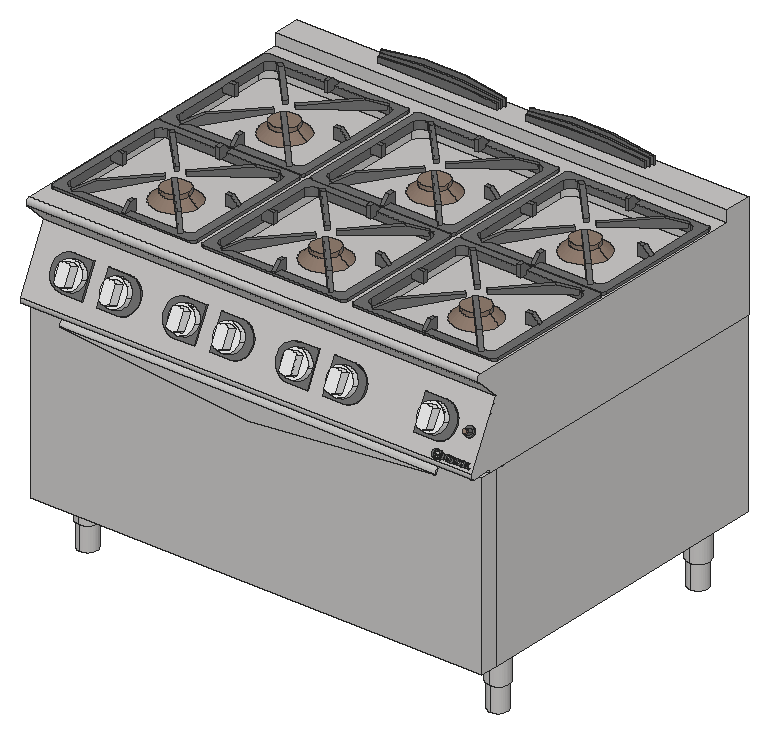
Revit family "QF_GIORIK_CG960H", category Specialty Equipment, Revit 2014
Parameters (values of type "CG960H")
  Weight in Pounds = 551.155
  URL Cutsheet = "www.giorik.com"
  URL = "www.giorik.com"
  Status [instance] = ""
  Specification by User [instance] = ""
  Specification by Manufacturer = ""
  Show Logo [instance] = yes
  Show Clearance [instance] = yes
  Serial Number = ""
  Seismic Rating = ""
  SMACNA No = ""
  Revision Code [instance] = ""
  NAFEM Spec ID Number = ""
  Model = "CG960H"
  Mechanical Remarks [instance] = "GPL"
  Mechanical Connection Type [instance] = ""
  Masterspec = ""
  Manufacturer = "GIORIK"
  Item Number [instance] = ""
  Installed By [instance] = ""
  Identify Quantity as Lot [instance] = no
  Gas Size = 1"
  Gas RI Height [instance] = 0 mm
  Gas KW = 58
  Gas Input = 58000 W
  Gas Connection Height [instance] = 150 mm
  Furnished By [instance] = ""
  Foodservice Equipment Identifier [instance] = yes
  Description = "6 BURNER GAS RANGE ON MAXI GAS OVEN"
  CSI MasterFormat = ""
  Assembly Code = "E1090320"
Reference planes
  plane 1 "Back": y = 0
  plane 2: z = 0
  plane 3 "Left": x = 0
  plane 4 "Right": x = 1200
  plane 5 "Front": y = -920
  plane 6 "Top": z = 899.988
Forms (mm)
  Extrusion 1, solid
    sketch origin (-16, 358.115, 0) x (1, 0, 0) y (0, 1, 0)
      loop
        line (25, -1086.81) -> (25, -1156.81) -> (115, -1156.81) -> (115, -1086.81) -> (25, -1086.81)
    from 148 to 150
  Revolve 2, solid
    sketch origin (54, 358.115, 0) x (0, 1, 0) y (0, 0, 1)
      loop
        line (-1092.56, 66) -> (-1092.56, 148) -> (-1121.81, 148) -> (-1121.81, 0) -> (-1096.81, 0) -> (-1096.81, 66) -> (-1092.56, 66)
      axis (-1121.81, 0) -> (-1121.81, 148)
    angle from 0 to 360
  Extrusion 3, solid
    sketch origin (-16, 1023.115, 0) x (1, 0, 0) y (0, 1, 0)
      loop
        line (25, -1086.81) -> (25, -1156.81) -> (115, -1156.81) -> (115, -1086.81) -> (25, -1086.81)
    from 148 to 150
  Revolve 4, solid
    sketch origin (54, 1023.115, 0) x (0, 1, 0) y (0, 0, 1)
      loop
        line (-1092.56, 66) -> (-1092.56, 148) -> (-1121.81, 148) -> (-1121.81, 0) -> (-1096.81, 0) -> (-1096.81, 66) -> (-1092.56, 66)
      axis (-1121.81, 0) -> (-1121.81, 148)
    angle from 0 to 360
  Extrusion 5, void
    sketch origin (0, -2.695, 899.988) x (0, 1, 0) y (-1, 0, 0)
      loop
        arc (-120, -48.046) -> (-128.787, -26.832) -> (-150, -18.046) r 30
        line (-150, -18.046) -> (-790.004, -18.046)
        arc (-790.004, -18.046) -> (-811.217, -26.832) -> (-820.004, -48.046) r 30
        line (-820.004, -48.046) -> (-820.004, -352.046)
        arc (-820.004, -352.046) -> (-811.217, -373.259) -> (-790.004, -382.046) r 30
        line (-790.004, -382.046) -> (-150, -382.046)
        arc (-150, -382.046) -> (-128.787, -373.259) -> (-120, -352.046) r 30
        line (-120, -352.046) -> (-120, -48.046)
    from -30 to -70
  Extrusion 6, solid
    sketch origin (-4, -2.717, 130) x (1, 0, 0) y (0, 1, 0)
      loop
        circle (54, -385) r 12.5
    from 0 to 20
  Extrusion 7, solid
    sketch origin (159.325, -432.708, -71.012) x (0, -1, 0) y (0, 0, -1)
      loop
        line (35.989, -935.989) -> (65, -965) -> (79.749, -965) -> (79.749, -935.989) -> (35.989, -935.989)
    from 35.72 to 45.72
  Blend 8, solid
    base sketch origin (0, -377.25, 899.988) x (0, 1, 0) y (-1, 0, 0)
      loop
        circle (-276.449, -200.046) r 60
    top sketch origin (0, -377.25, 899.988) x (0, 1, 0) y (-1, 0, 0)
      loop
        circle (-276.449, -200.046) r 35
    from -70 to -50
  Extrusion 9, solid
    sketch origin (0.046, -427.695, 22.988) x (1, 0, 0) y (0, 1, 0)
      loop
        line (8, -55.002) -> (8, -395.004)
        arc (8, -395.004) -> (10.929, -402.075) -> (18, -405.004) r 10
        line (18, -405.004) -> (382, -405.004)
        arc (382, -405.004) -> (389.071, -402.075) -> (392, -395.004) r 10
        line (392, -395.004) -> (392, -55.002)
        arc (392, -55.002) -> (389.071, -47.931) -> (382, -45.002) r 10
        line (382, -45.002) -> (18, -45.002)
        arc (18, -45.002) -> (10.929, -47.931) -> (8, -55.002) r 10
      loop
        arc (49.954, -67.002) -> (35.812, -72.86) -> (29.954, -87.002) r 20
        line (29.954, -87.002) -> (29.954, -365.004)
        arc (29.954, -365.004) -> (35.812, -379.146) -> (49.954, -385.004) r 20
        line (49.954, -385.004) -> (349.954, -385.004)
        arc (349.954, -385.004) -> (364.097, -379.146) -> (369.954, -365.004) r 20
        line (369.954, -365.004) -> (369.954, -87.002)
        arc (369.954, -87.002) -> (364.097, -72.86) -> (349.954, -67.002) r 20
        line (349.954, -67.002) -> (49.954, -67.002)
    from 831.989 to 851.989
  Extrusion 10, solid
    sketch origin (347.736, -432.53, -2.821) x (-0.670885, -0.741561, 0) y (0, 0, -1)
      loop
        line (239.679, -896.808) -> (239.679, -888.14) -> (57.778, -867.797) -> (36.748, -867.797) -> (36.748, -875.452) -> (95.425, -896.808) -> (239.679, -896.808)
    from 30.148 to 40.148
  Extrusion 11, solid
    sketch origin (52.421, -432.594, -2.821) x (0.670878, -0.741568, 0) y (0, 0, 1)
      loop
        line (239.588, 896.808) -> (95.425, 896.808) -> (36.748, 875.452) -> (36.748, 867.797) -> (57.778, 867.797) -> (239.588, 888.13) -> (239.588, 896.808)
    from 30.148 to 40.148
  Extrusion 12, solid
    sketch origin (347.735, -874.862, -2.821) x (-0.670878, 0.741568, 0) y (0, 0, 1)
      loop
        line (239.679, 896.808) -> (95.425, 896.808) -> (36.748, 875.452) -> (36.748, 867.797) -> (57.778, 867.797) -> (239.679, 888.14) -> (239.679, 896.808)
    from 30.148 to 40.148
  Extrusion 13, solid
    sketch origin (52.356, -874.862, -2.821) x (0.670885, 0.741561, 0) y (0, 0, -1)
      loop
        line (239.679, -896.808) -> (239.679, -888.14) -> (57.778, -867.797) -> (36.748, -867.797) -> (36.748, -875.452) -> (95.425, -896.808) -> (239.679, -896.808)
    from 30.148 to 40.148
  Extrusion 14, solid
    sketch origin (240.72, -872.688, -71.012) x (0, 1, 0) y (0, 0, -1)
      loop
        line (35.989, -935.989) -> (65, -965) -> (79.749, -965) -> (79.749, -935.989) -> (35.989, -935.989)
    from 35.72 to 45.72
  Extrusion 15, solid
    sketch origin (159.325, -512.686, -71.012) x (0, 1, 0) y (0, 0, 1)
      loop
        line (35.989, 935.989) -> (79.749, 935.989) -> (79.749, 965) -> (65, 965) -> (35.989, 935.989)
    from 35.72 to 45.72
  Extrusion 16, solid
    sketch origin (-15.829, -241.978, -71.012) x (1, 0, 0) y (0, 0, 1)
      loop
        line (35.989, 935.989) -> (79.749, 935.989) -> (79.749, 965) -> (65, 965) -> (35.989, 935.989)
    from 35.72 to 45.72
  Extrusion 17, solid
    sketch origin (0.046, -517.698, 22.988) x (1, 0, 0) y (0, 1, 0)
      loop
        arc (8, 55.002) -> (10.929, 47.931) -> (18, 45.002) r 10
        line (18, 45.002) -> (382, 45.002)
        arc (382, 45.002) -> (389.071, 47.931) -> (392, 55.002) r 10
        line (392, 55.002) -> (392, 395.004)
        arc (392, 395.004) -> (389.071, 402.075) -> (382, 405.004) r 10
        line (382, 405.004) -> (18, 405.004)
        arc (18, 405.004) -> (10.929, 402.075) -> (8, 395.004) r 10
        line (8, 395.004) -> (8, 55.002)
      loop
        line (49.954, 67.002) -> (349.954, 67.002)
        arc (349.954, 67.002) -> (364.097, 72.86) -> (369.954, 87.002) r 20
        line (369.954, 87.002) -> (369.954, 365.004)
        arc (369.954, 365.004) -> (364.097, 379.146) -> (349.954, 385.004) r 20
        line (349.954, 385.004) -> (49.954, 385.004)
        arc (49.954, 385.004) -> (35.812, 379.146) -> (29.954, 365.004) r 20
        line (29.954, 365.004) -> (29.954, 87.002)
        arc (29.954, 87.002) -> (35.812, 72.86) -> (49.954, 67.002) r 20
    from 831.989 to 851.989
  Extrusion 18, solid
    sketch origin (347.736, -512.863, -2.821) x (-0.670885, 0.741561, 0) y (0, 0, 1)
      loop
        line (239.679, 896.808) -> (95.425, 896.808) -> (36.748, 875.452) -> (36.748, 867.797) -> (57.778, 867.797) -> (239.679, 888.14) -> (239.679, 896.808)
    from 30.148 to 40.148
  Extrusion 19, solid
    sketch origin (52.421, -512.799, -2.821) x (0.670878, 0.741568, 0) y (0, 0, -1)
      loop
        line (239.588, -896.808) -> (239.588, -888.13) -> (57.778, -867.797) -> (36.748, -867.797) -> (36.748, -875.452) -> (95.425, -896.808) -> (239.588, -896.808)
    from 30.148 to 40.148
  Extrusion 20, solid
    sketch origin (347.735, -70.532, -2.821) x (-0.670878, -0.741568, 0) y (0, 0, -1)
      loop
        line (239.679, -896.808) -> (239.679, -888.14) -> (57.778, -867.797) -> (36.748, -867.797) -> (36.748, -875.452) -> (95.425, -896.808) -> (239.679, -896.808)
    from 30.148 to 40.148
  Extrusion 21, solid
    sketch origin (52.356, -70.532, -2.821) x (0.670885, -0.741561, 0) y (0, 0, 1)
      loop
        line (239.679, 896.808) -> (95.425, 896.808) -> (36.748, 875.452) -> (36.748, 867.797) -> (57.778, 867.797) -> (239.679, 888.14) -> (239.679, 896.808)
    from 30.148 to 40.148
  Extrusion 22, solid
    sketch origin (240.72, -72.706, -71.012) x (0, -1, 0) y (0, 0, 1)
      loop
        line (35.989, 935.989) -> (79.749, 935.989) -> (79.749, 965) -> (65, 965) -> (35.989, 935.989)
    from 35.72 to 45.72
  Extrusion 23, solid
    sketch origin (-16, 358.115, 0) x (1, 0, 0) y (0, 1, 0)
      loop
        line (25, -1086.81) -> (25, -1156.81) -> (115, -1156.81) -> (115, -1086.81) -> (25, -1086.81)
    from 148 to 150
  Revolve 24, solid
    sketch origin (54, 358.115, 0) x (0, 1, 0) y (0, 0, 1)
      loop
        line (-1092.56, 66) -> (-1092.56, 148) -> (-1121.81, 148) -> (-1121.81, 0) -> (-1096.81, 0) -> (-1096.81, 66) -> (-1092.56, 66)
      axis (-1121.81, 0) -> (-1121.81, 148)
    angle from 0 to 360
  Extrusion 25, solid
    sketch origin (-16, 1023.115, 0) x (1, 0, 0) y (0, 1, 0)
      loop
        line (25, -1086.81) -> (25, -1156.81) -> (115, -1156.81) -> (115, -1086.81) -> (25, -1086.81)
    from 148 to 150
  Revolve 26, solid
    sketch origin (54, 1023.115, 0) x (0, 1, 0) y (0, 0, 1)
      loop
        line (-1092.56, 66) -> (-1092.56, 148) -> (-1121.81, 148) -> (-1121.81, 0) -> (-1096.81, 0) -> (-1096.81, 66) -> (-1092.56, 66)
      axis (-1121.81, 0) -> (-1121.81, 148)
    angle from 0 to 360
  Extrusion 27, solid
    sketch origin (0, -2.695, 599.536) x (1, 0, 0) y (0, 1, 0)
      loop
        line (0, -837.167) -> (40, -837.167) -> (40, -40) -> (1160, -40) -> (1160, -837.167) -> (1200, -837.167) -> (1200, 2.695) -> (0, 2.695) -> (0, -837.167)
    from -449.536 to 20.464
  Extrusion 28, solid
    sketch origin (0, -2.695, 0) x (1, 0, 0) y (0, 1, 0)
      loop
        line (40, -40) -> (40, -837.167) -> (1160, -837.167) -> (1160, -40) -> (40, -40)
    from 150 to 190
  Extrusion 29, solid
    sketch origin (-4, -2.717, 130) x (1, 0, 0) y (0, 1, 0)
      loop
        circle (54, -385) r 12.5
    from 0 to 20
  Extrusion 30, solid
    sketch origin (-15.829, -694.419, -71.012) x (1, 0, 0) y (0, 0, -1)
      loop
        line (35.989, -935.989) -> (65, -965) -> (79.749, -965) -> (79.749, -935.989) -> (35.989, -935.989)
    from 35.72 to 45.72
  Extrusion 31, solid
    sketch origin (415.921, -694.419, -71.012) x (-1, 0, 0) y (0, 0, 1)
      loop
        line (35.989, 935.989) -> (79.749, 935.989) -> (79.749, 965) -> (65, 965) -> (35.989, 935.989)
    from 35.72 to 45.72
  Extrusion 32, solid
    sketch origin (559.325, -432.708, -71.012) x (0, -1, 0) y (0, 0, -1)
      loop
        line (35.989, -935.989) -> (65, -965) -> (79.749, -965) -> (79.749, -935.989) -> (35.989, -935.989)
    from 35.72 to 45.72
  Extrusion 33, solid
    sketch origin (400.046, -427.695, 22.988) x (1, 0, 0) y (0, 1, 0)
      loop
        line (8, -55.002) -> (8, -395.004)
        arc (8, -395.004) -> (10.929, -402.075) -> (18, -405.004) r 10
        line (18, -405.004) -> (382, -405.004)
        arc (382, -405.004) -> (389.071, -402.075) -> (392, -395.004) r 10
        line (392, -395.004) -> (392, -55.002)
        arc (392, -55.002) -> (389.071, -47.931) -> (382, -45.002) r 10
        line (382, -45.002) -> (18, -45.002)
        arc (18, -45.002) -> (10.929, -47.931) -> (8, -55.002) r 10
      loop
        arc (49.954, -67.002) -> (35.812, -72.86) -> (29.954, -87.002) r 20
        line (29.954, -87.002) -> (29.954, -365.004)
        arc (29.954, -365.004) -> (35.812, -379.146) -> (49.954, -385.004) r 20
        line (49.954, -385.004) -> (349.954, -385.004)
        arc (349.954, -385.004) -> (364.097, -379.146) -> (369.954, -365.004) r 20
        line (369.954, -365.004) -> (369.954, -87.002)
        arc (369.954, -87.002) -> (364.097, -72.86) -> (349.954, -67.002) r 20
        line (349.954, -67.002) -> (49.954, -67.002)
    from 831.989 to 851.989
  Extrusion 34, solid
    sketch origin (747.736, -432.53, -2.821) x (-0.670885, -0.741561, 0) y (0, 0, -1)
      loop
        line (239.679, -896.808) -> (239.679, -888.14) -> (57.778, -867.797) -> (36.748, -867.797) -> (36.748, -875.452) -> (95.425, -896.808) -> (239.679, -896.808)
    from 30.148 to 40.148
  Extrusion 35, solid
    sketch origin (452.421, -432.594, -2.821) x (0.670878, -0.741568, 0) y (0, 0, 1)
      loop
        line (239.588, 896.808) -> (95.425, 896.808) -> (36.748, 875.452) -> (36.748, 867.797) -> (57.778, 867.797) -> (239.588, 888.13) -> (239.588, 896.808)
    from 30.148 to 40.148
  Extrusion 36, solid
    sketch origin (747.735, -874.862, -2.821) x (-0.670878, 0.741568, 0) y (0, 0, 1)
      loop
        line (239.679, 896.808) -> (95.425, 896.808) -> (36.748, 875.452) -> (36.748, 867.797) -> (57.778, 867.797) -> (239.679, 888.14) -> (239.679, 896.808)
    from 30.148 to 40.148
  Extrusion 37, solid
    sketch origin (452.356, -874.862, -2.821) x (0.670885, 0.741561, 0) y (0, 0, -1)
      loop
        line (239.679, -896.808) -> (239.679, -888.14) -> (57.778, -867.797) -> (36.748, -867.797) -> (36.748, -875.452) -> (95.425, -896.808) -> (239.679, -896.808)
    from 30.148 to 40.148
  Extrusion 38, solid
    sketch origin (640.72, -872.688, -71.012) x (0, 1, 0) y (0, 0, -1)
      loop
        line (35.989, -935.989) -> (65, -965) -> (79.749, -965) -> (79.749, -935.989) -> (35.989, -935.989)
    from 35.72 to 45.72
  Extrusion 39, solid
    sketch origin (559.325, -512.686, -71.012) x (0, 1, 0) y (0, 0, 1)
      loop
        line (35.989, 935.989) -> (79.749, 935.989) -> (79.749, 965) -> (65, 965) -> (35.989, 935.989)
    from 35.72 to 45.72
  Extrusion 40, solid
    sketch origin (400.046, -517.698, 22.988) x (1, 0, 0) y (0, 1, 0)
      loop
        arc (8, 55.002) -> (10.929, 47.931) -> (18, 45.002) r 10
        line (18, 45.002) -> (382, 45.002)
        arc (382, 45.002) -> (389.071, 47.931) -> (392, 55.002) r 10
        line (392, 55.002) -> (392, 395.004)
        arc (392, 395.004) -> (389.071, 402.075) -> (382, 405.004) r 10
        line (382, 405.004) -> (18, 405.004)
        arc (18, 405.004) -> (10.929, 402.075) -> (8, 395.004) r 10
        line (8, 395.004) -> (8, 55.002)
      loop
        line (49.954, 67.002) -> (349.954, 67.002)
        arc (349.954, 67.002) -> (364.097, 72.86) -> (369.954, 87.002) r 20
        line (369.954, 87.002) -> (369.954, 365.004)
        arc (369.954, 365.004) -> (364.097, 379.146) -> (349.954, 385.004) r 20
        line (349.954, 385.004) -> (49.954, 385.004)
        arc (49.954, 385.004) -> (35.812, 379.146) -> (29.954, 365.004) r 20
        line (29.954, 365.004) -> (29.954, 87.002)
        arc (29.954, 87.002) -> (35.812, 72.86) -> (49.954, 67.002) r 20
    from 831.989 to 851.989
  Extrusion 41, solid
    sketch origin (747.736, -512.863, -2.821) x (-0.670885, 0.741561, 0) y (0, 0, 1)
      loop
        line (239.679, 896.808) -> (95.425, 896.808) -> (36.748, 875.452) -> (36.748, 867.797) -> (57.778, 867.797) -> (239.679, 888.14) -> (239.679, 896.808)
    from 30.148 to 40.148
  Extrusion 42, solid
    sketch origin (452.421, -512.799, -2.821) x (0.670878, 0.741568, 0) y (0, 0, -1)
      loop
        line (239.588, -896.808) -> (239.588, -888.13) -> (57.778, -867.797) -> (36.748, -867.797) -> (36.748, -875.452) -> (95.425, -896.808) -> (239.588, -896.808)
    from 30.148 to 40.148
  Extrusion 43, solid
    sketch origin (747.735, -70.532, -2.821) x (-0.670878, -0.741568, 0) y (0, 0, -1)
      loop
        line (239.679, -896.808) -> (239.679, -888.14) -> (57.778, -867.797) -> (36.748, -867.797) -> (36.748, -875.452) -> (95.425, -896.808) -> (239.679, -896.808)
    from 30.148 to 40.148
  Extrusion 44, solid
    sketch origin (452.356, -70.532, -2.821) x (0.670885, -0.741561, 0) y (0, 0, 1)
      loop
        line (239.679, 896.808) -> (95.425, 896.808) -> (36.748, 875.452) -> (36.748, 867.797) -> (57.778, 867.797) -> (239.679, 888.14) -> (239.679, 896.808)
    from 30.148 to 40.148
  Extrusion 45, solid
    sketch origin (640.72, -72.706, -71.012) x (0, -1, 0) y (0, 0, 1)
      loop
        line (35.989, 935.989) -> (79.749, 935.989) -> (79.749, 965) -> (65, 965) -> (35.989, 935.989)
    from 35.72 to 45.72
  Extrusion 46, solid
    sketch origin (384.171, -694.419, -71.012) x (1, 0, 0) y (0, 0, -1)
      loop
        line (35.989, -935.989) -> (65, -965) -> (79.749, -965) -> (79.749, -935.989) -> (35.989, -935.989)
    from 35.72 to 45.72
  Extrusion 47, solid
    sketch origin (815.921, -694.419, -71.012) x (-1, 0, 0) y (0, 0, 1)
      loop
        line (35.989, 935.989) -> (79.749, 935.989) -> (79.749, 965) -> (65, 965) -> (35.989, 935.989)
    from 35.72 to 45.72
  Extrusion 48, solid
    sketch origin (959.325, -432.708, -71.012) x (0, -1, 0) y (0, 0, -1)
      loop
        line (35.989, -935.989) -> (65, -965) -> (79.749, -965) -> (79.749, -935.989) -> (35.989, -935.989)
    from 35.72 to 45.72
  Extrusion 49, solid
    sketch origin (800.046, -427.695, 22.988) x (1, 0, 0) y (0, 1, 0)
      loop
        line (8, -55.002) -> (8, -395.004)
        arc (8, -395.004) -> (10.929, -402.075) -> (18, -405.004) r 10
        line (18, -405.004) -> (382, -405.004)
        arc (382, -405.004) -> (389.071, -402.075) -> (392, -395.004) r 10
        line (392, -395.004) -> (392, -55.002)
        arc (392, -55.002) -> (389.071, -47.931) -> (382, -45.002) r 10
        line (382, -45.002) -> (18, -45.002)
        arc (18, -45.002) -> (10.929, -47.931) -> (8, -55.002) r 10
      loop
        arc (49.954, -67.002) -> (35.812, -72.86) -> (29.954, -87.002) r 20
        line (29.954, -87.002) -> (29.954, -365.004)
        arc (29.954, -365.004) -> (35.812, -379.146) -> (49.954, -385.004) r 20
        line (49.954, -385.004) -> (349.954, -385.004)
        arc (349.954, -385.004) -> (364.097, -379.146) -> (369.954, -365.004) r 20
        line (369.954, -365.004) -> (369.954, -87.002)
        arc (369.954, -87.002) -> (364.097, -72.86) -> (349.954, -67.002) r 20
        line (349.954, -67.002) -> (49.954, -67.002)
    from 831.989 to 851.989
  Extrusion 50, solid
    sketch origin (1147.736, -432.53, -2.821) x (-0.670885, -0.741561, 0) y (0, 0, -1)
      loop
        line (239.679, -896.808) -> (239.679, -888.14) -> (57.778, -867.797) -> (36.748, -867.797) -> (36.748, -875.452) -> (95.425, -896.808) -> (239.679, -896.808)
    from 30.148 to 40.148
  Extrusion 51, solid
    sketch origin (852.421, -432.594, -2.821) x (0.670878, -0.741568, 0) y (0, 0, 1)
      loop
        line (239.588, 896.808) -> (95.425, 896.808) -> (36.748, 875.452) -> (36.748, 867.797) -> (57.778, 867.797) -> (239.588, 888.13) -> (239.588, 896.808)
    from 30.148 to 40.148
  Extrusion 52, solid
    sketch origin (1147.735, -874.862, -2.821) x (-0.670878, 0.741568, 0) y (0, 0, 1)
      loop
        line (239.679, 896.808) -> (95.425, 896.808) -> (36.748, 875.452) -> (36.748, 867.797) -> (57.778, 867.797) -> (239.679, 888.14) -> (239.679, 896.808)
    from 30.148 to 40.148
  Extrusion 53, solid
    sketch origin (852.356, -874.862, -2.821) x (0.670885, 0.741561, 0) y (0, 0, -1)
      loop
        line (239.679, -896.808) -> (239.679, -888.14) -> (57.778, -867.797) -> (36.748, -867.797) -> (36.748, -875.452) -> (95.425, -896.808) -> (239.679, -896.808)
    from 30.148 to 40.148
  Extrusion 54, solid
    sketch origin (1040.72, -872.688, -71.012) x (0, 1, 0) y (0, 0, -1)
      loop
        line (35.989, -935.989) -> (65, -965) -> (79.749, -965) -> (79.749, -935.989) -> (35.989, -935.989)
    from 35.72 to 45.72
  Extrusion 55, solid
    sketch origin (959.325, -512.686, -71.012) x (0, 1, 0) y (0, 0, 1)
      loop
        line (35.989, 935.989) -> (79.749, 935.989) -> (79.749, 965) -> (65, 965) -> (35.989, 935.989)
    from 35.72 to 45.72
  Extrusion 56, solid
    sketch origin (1215.921, -241.978, -71.012) x (-1, 0, 0) y (0, 0, -1)
      loop
        line (35.989, -935.989) -> (65, -965) -> (79.749, -965) -> (79.749, -935.989) -> (35.989, -935.989)
    from 35.72 to 45.72
  Extrusion 57, solid
    sketch origin (800.046, -517.698, 22.988) x (1, 0, 0) y (0, 1, 0)
      loop
        arc (8, 55.002) -> (10.929, 47.931) -> (18, 45.002) r 10
        line (18, 45.002) -> (382, 45.002)
        arc (382, 45.002) -> (389.071, 47.931) -> (392, 55.002) r 10
        line (392, 55.002) -> (392, 395.004)
        arc (392, 395.004) -> (389.071, 402.075) -> (382, 405.004) r 10
        line (382, 405.004) -> (18, 405.004)
        arc (18, 405.004) -> (10.929, 402.075) -> (8, 395.004) r 10
        line (8, 395.004) -> (8, 55.002)
      loop
        line (49.954, 67.002) -> (349.954, 67.002)
        arc (349.954, 67.002) -> (364.097, 72.86) -> (369.954, 87.002) r 20
        line (369.954, 87.002) -> (369.954, 365.004)
        arc (369.954, 365.004) -> (364.097, 379.146) -> (349.954, 385.004) r 20
        line (349.954, 385.004) -> (49.954, 385.004)
        arc (49.954, 385.004) -> (35.812, 379.146) -> (29.954, 365.004) r 20
        line (29.954, 365.004) -> (29.954, 87.002)
        arc (29.954, 87.002) -> (35.812, 72.86) -> (49.954, 67.002) r 20
    from 831.989 to 851.989
  Extrusion 58, solid
    sketch origin (1147.736, -512.863, -2.821) x (-0.670885, 0.741561, 0) y (0, 0, 1)
      loop
        line (239.679, 896.808) -> (95.425, 896.808) -> (36.748, 875.452) -> (36.748, 867.797) -> (57.778, 867.797) -> (239.679, 888.14) -> (239.679, 896.808)
    from 30.148 to 40.148
  Extrusion 59, solid
    sketch origin (852.421, -512.799, -2.821) x (0.670878, 0.741568, 0) y (0, 0, -1)
      loop
        line (239.588, -896.808) -> (239.588, -888.13) -> (57.778, -867.797) -> (36.748, -867.797) -> (36.748, -875.452) -> (95.425, -896.808) -> (239.588, -896.808)
    from 30.148 to 40.148
  Extrusion 60, solid
    sketch origin (1147.735, -70.532, -2.821) x (-0.670878, -0.741568, 0) y (0, 0, -1)
      loop
        line (239.679, -896.808) -> (239.679, -888.14) -> (57.778, -867.797) -> (36.748, -867.797) -> (36.748, -875.452) -> (95.425, -896.808) -> (239.679, -896.808)
    from 30.148 to 40.148
  Extrusion 61, solid
    sketch origin (852.356, -70.532, -2.821) x (0.670885, -0.741561, 0) y (0, 0, 1)
      loop
        line (239.679, 896.808) -> (95.425, 896.808) -> (36.748, 875.452) -> (36.748, 867.797) -> (57.778, 867.797) -> (239.679, 888.14) -> (239.679, 896.808)
    from 30.148 to 40.148
  Extrusion 62, solid
    sketch origin (1040.72, -72.706, -71.012) x (0, -1, 0) y (0, 0, 1)
      loop
        line (35.989, 935.989) -> (79.749, 935.989) -> (79.749, 965) -> (65, 965) -> (35.989, 935.989)
    from 35.72 to 45.72
  Extrusion 63, solid
    sketch origin (1076, 358.115, 0) x (1, 0, 0) y (0, 1, 0)
      loop
        line (25, -1086.81) -> (25, -1156.81) -> (115, -1156.81) -> (115, -1086.81) -> (25, -1086.81)
    from 148 to 150
  Revolve 64, solid
    sketch origin (1146, 358.115, 0) x (0, 1, 0) y (0, 0, 1)
      loop
        line (-1092.56, 66) -> (-1092.56, 148) -> (-1121.81, 148) -> (-1121.81, 0) -> (-1096.81, 0) -> (-1096.81, 66) -> (-1092.56, 66)
      axis (-1121.81, 0) -> (-1121.81, 148)
    angle from 0 to 360
  Extrusion 65, solid
    sketch origin (1076, 1023.115, 0) x (1, 0, 0) y (0, 1, 0)
      loop
        line (25, -1086.81) -> (25, -1156.81) -> (115, -1156.81) -> (115, -1086.81) -> (25, -1086.81)
    from 148 to 150
  Revolve 66, solid
    sketch origin (1146, 1023.115, 0) x (0, 1, 0) y (0, 0, 1)
      loop
        line (-1092.56, 66) -> (-1092.56, 148) -> (-1121.81, 148) -> (-1121.81, 0) -> (-1096.81, 0) -> (-1096.81, 66) -> (-1092.56, 66)
      axis (-1121.81, 0) -> (-1121.81, 148)
    angle from 0 to 360
  Extrusion 67, solid
    sketch origin (784.171, -694.419, -71.012) x (1, 0, 0) y (0, 0, -1)
      loop
        line (35.989, -935.989) -> (65, -965) -> (79.749, -965) -> (79.749, -935.989) -> (35.989, -935.989)
    from 35.72 to 45.72
  Extrusion 68, solid
    sketch origin (1215.921, -694.419, -71.012) x (-1, 0, 0) y (0, 0, 1)
      loop
        line (35.989, 935.989) -> (79.749, 935.989) -> (79.749, 965) -> (65, 965) -> (35.989, 935.989)
    from 35.72 to 45.72
  Extrusion 69, solid
    sketch origin (852.421, -432.594, -2.821) x (0.670878, -0.741568, 0) y (0, 0, 1)
      loop
        line (239.588, 896.808) -> (95.425, 896.808) -> (36.748, 875.452) -> (36.748, 867.797) -> (57.778, 867.797) -> (239.588, 888.13) -> (239.588, 896.808)
    from 30.148 to 40.148
  Extrusion 70, solid
    sketch origin (0, -377.25, -30) x (1, 0, 0) y (0, 1, 0)
      loop
        circle (200.046, -276.449) r 35
    from 889.988 to 879.988
  Blend 71, solid
    base sketch origin (799.954, -377.25, 899.988) x (0, 1, 0) y (-1, 0, 0)
      loop
        circle (-276.449, -200.046) r 60
    top sketch origin (799.954, -377.25, 899.988) x (0, 1, 0) y (-1, 0, 0)
      loop
        circle (-276.449, -200.046) r 35
    from -70 to -50
  Extrusion 72, solid
    sketch origin (799.954, -377.25, -30) x (1, 0, 0) y (0, 1, 0)
      loop
        circle (200.046, -276.449) r 35
    from 889.988 to 879.988
  Blend 73, solid
    base sketch origin (399.954, -377.25, 899.988) x (0, 1, 0) y (-1, 0, 0)
      loop
        circle (-276.449, -200.046) r 60
    top sketch origin (399.954, -377.25, 899.988) x (0, 1, 0) y (-1, 0, 0)
      loop
        circle (-276.449, -200.046) r 35
    from -70 to -50
  Extrusion 74, solid
    sketch origin (399.954, -377.25, -30) x (1, 0, 0) y (0, 1, 0)
      loop
        circle (200.046, -276.449) r 35
    from 889.988 to 879.988
  Extrusion 75, solid
    sketch origin (109, -2.695, -10.001) x (1, 0, 0) y (0, 0, 1)
      loop
        line (135, 909.989) -> (453, 909.989) -> (453, 925.527) -> (347.056, 931.749) -> (240.944, 931.749) -> (135, 925.527) -> (135, 909.989)
    from 32 to 35
  Extrusion 76, solid
    sketch origin (111, 7.305, -10.001) x (1, 0, 0) y (0, 0, 1)
      loop
        line (454, 909.989) -> (454, 928.527) -> (346.162, 939.193) -> (237.838, 939.193) -> (130, 928.527) -> (130, 909.989) -> (454, 909.989)
    from 32 to 35
  Extrusion 77, solid
    sketch origin (113, 17.305, -10.001) x (1, 0, 0) y (0, 0, 1)
      loop
        line (455, 909.989) -> (455, 930.527) -> (345.396, 947.413) -> (234.604, 947.413) -> (125, 930.527) -> (125, 909.989) -> (455, 909.989)
    from 32 to 35
  Extrusion 78, solid
    sketch origin (1091, -2.695, -10.001) x (-1, 0, 0) y (0, 0, -1)
      loop
        line (135, -909.989) -> (135, -925.527) -> (240.944, -931.749) -> (347.056, -931.749) -> (453, -925.527) -> (453, -909.989) -> (135, -909.989)
    from 32 to 35
  Extrusion 79, solid
    sketch origin (1089, 7.305, -10.001) x (-1, 0, 0) y (0, 0, -1)
      loop
        line (454, -909.989) -> (130, -909.989) -> (130, -928.527) -> (237.838, -939.193) -> (346.162, -939.193) -> (454, -928.527) -> (454, -909.989)
    from 32 to 35
  Extrusion 80, solid
    sketch origin (1087, 17.305, -10.001) x (-1, 0, 0) y (0, 0, -1)
      loop
        line (455, -909.989) -> (125, -909.989) -> (125, -930.527) -> (234.604, -947.413) -> (345.396, -947.413) -> (455, -930.527) -> (455, -909.989)
    from 32 to 35
  Extrusion 81, solid
    sketch origin (286.779, -1164.375, 51.983) x (1, 0, 0) y (0, 0.452718, 0.891654)
      loop
        line (463.221, 676.25) -> (463.221, 766.25) -> (409.698, 766.25)
        arc (409.698, 766.25) -> (364.698, 721.25) -> (409.698, 676.25) r 45
        line (409.698, 676.25) -> (463.221, 676.25)
    from 48 to 50
  Extrusion 82, solid, visible <- "Show Logo"
    sketch origin (996.604, -937.214, 608.324) x (-1, 0, 0) y (0, 0.452718, 0.891654)
      loop
        line (-118.824, 58.358) -> (-127.804, 58.358) -> (-125.523, 56.445) -> (-125.523, 48.027) -> (-127.804, 46.113) -> (-118.824, 46.113) -> (-121.105, 48.027) -> (-121.105, 56.445) -> (-118.824, 58.358)
      loop
        line (-163.721, 58.358) -> (-172.7, 58.358) -> (-170.42, 56.445) -> (-170.42, 48.027) -> (-172.7, 46.113) -> (-163.721, 46.113) -> (-166.001, 48.027) -> (-166.001, 56.445) -> (-163.721, 58.358)
      loop
        line (-174.332, 58.358) -> (-183.312, 58.358) -> (-181.031, 56.445) -> (-181.031, 52.435) -> (-186.419, 56.955) -> (-184.416, 58.358) -> (-191.268, 58.358) -> (-188.01, 56.839) -> (-185.455, 54.283) -> (-190.846, 47.858) -> (-193.396, 46.93) -> (-193.396, 46.113) -> (-184.416, 46.113) -> (-185.437, 47.571) -> (-182.443, 51.552) -> (-181.031, 50.894) -> (-181.031, 48.027) -> (-183.312, 46.113) -> (-174.332, 46.113) -> (-176.613, 48.027) -> (-176.613, 56.445) -> (-174.332, 58.358)
      loop
        line (-115.429, 62.063) -> (-115.429, 54.198)
        arc (-115.429, 54.198) -> (-111.618, 57.803) -> (-106.847, 59.986) r 16.039
        arc (-106.847, 59.986) -> (-103.314, 59.837) -> (-100.512, 57.68) r 5.851
        arc (-100.512, 57.68) -> (-98.815, 52.267) -> (-100.512, 46.853) r 9.479
        arc (-100.512, 46.853) -> (-102.406, 44.986) -> (-104.846, 43.93) r 7.236
        arc (-104.846, 43.93) -> (-107.728, 44.111) -> (-110.052, 45.825) r 5.11
        line (-110.052, 45.825) -> (-110.052, 52.001) -> (-116.141, 52.001) -> (-116.141, 45.503) -> (-117.893, 43.751) -> (-114.094, 44.769)
        arc (-114.094, 44.769) -> (-112.56, 44.947) -> (-111.129, 44.366) r 3.115
        arc (-111.129, 44.366) -> (-104.216, 42.091) -> (-97.303, 44.366) r 11.641
        arc (-97.303, 44.366) -> (-93.396, 52.107) -> (-97.303, 59.849) r 9.622
        arc (-97.303, 59.849) -> (-104.369, 62.174) -> (-111.435, 59.849) r 11.898
        line (-111.435, 59.849) -> (-115.429, 62.063)
      loop
        arc (-129.234, 56.068) -> (-135.893, 58.628) -> (-142.552, 56.068) r 9.941
        arc (-142.552, 56.068) -> (-144.234, 52.286) -> (-142.552, 48.505) r 5.093
        arc (-142.552, 48.505) -> (-135.893, 45.945) -> (-129.234, 48.505) r 9.941
        arc (-129.234, 48.505) -> (-127.552, 52.286) -> (-129.234, 56.068) r 5.093
      loop
        arc (-132.628, 54.403) -> (-135.893, 57.668) -> (-139.158, 54.403) r 3.265
        line (-139.158, 54.403) -> (-139.158, 50.169)
        arc (-139.158, 50.169) -> (-135.893, 46.904) -> (-132.628, 50.169) r 3.265
        line (-132.628, 50.169) -> (-132.628, 54.403)
      loop
        arc (-156.363, 58.365) -> (-159.647, 55.081) -> (-156.363, 51.796) r 3.285
        line (-156.363, 51.796) -> (-159.529, 47.306) -> (-162.087, 46.113) -> (-155.847, 46.113) -> (-153.529, 51.083) -> (-150.637, 51.083) -> (-150.637, 47.784) -> (-153.022, 46.113) -> (-144.011, 46.113) -> (-146.094, 47.68) -> (-146.094, 56.493) -> (-144.229, 58.365) -> (-156.363, 58.365)
      loop
        line (-150.637, 57.512) -> (-153.637, 57.512)
        arc (-153.637, 57.512) -> (-156.237, 54.912) -> (-153.637, 52.312) r 2.6
        line (-153.637, 52.312) -> (-150.637, 52.312) -> (-150.637, 57.512)
      loop
        line (-108.924, 52.001) -> (-104.936, 49.005) -> (-100.948, 52.001) -> (-108.924, 52.001)
    from 1.5 to -0.5
  Extrusion 83, solid
    sketch origin (1061.331, -1209.726, 74.579) x (-1, 0, 0) y (0, -0.45351, -0.891251)
      loop
        circle (351.331, -721.346) r 35
    from 0 to 15
  Extrusion 84, solid
    sketch origin (1061.331, -1209.726, 74.579) x (-1, 0, 0) y (0, -0.45351, -0.891251)
      loop
        arc (336.331, -743.846) -> (351.331, -748.846) -> (366.331, -743.846) r 25
        line (366.331, -743.846) -> (366.331, -698.846)
        arc (366.331, -698.846) -> (351.331, -693.846) -> (336.331, -698.846) r 25
        line (336.331, -698.846) -> (336.331, -743.846)
    from 15 to 40
  Extrusion 85, solid
    sketch origin (-313.221, -1164.375, 51.983) x (1, 0, 0) y (0, 0.452718, 0.891654)
      loop
        line (463.221, 676.25) -> (463.221, 766.25) -> (409.698, 766.25)
        arc (409.698, 766.25) -> (364.698, 721.25) -> (409.698, 676.25) r 45
        line (409.698, 676.25) -> (463.221, 676.25)
    from 48 to 50
  Extrusion 86, solid
    sketch origin (653.221, -1164.375, 51.983) x (-1, 0, 0) y (0, -0.452718, -0.891654)
      loop
        line (463.221, -676.25) -> (409.698, -676.25)
        arc (409.698, -676.25) -> (364.698, -721.25) -> (409.698, -766.25) r 45
        line (409.698, -766.25) -> (463.221, -766.25) -> (463.221, -676.25)
    from 48 to 50
  Extrusion 87, solid
    sketch origin (-121.331, -1209.726, 74.579) x (1, 0, 0) y (0, 0.45351, 0.891251)
      loop
        circle (351.331, 721.346) r 35
    from 0 to 15
  Extrusion 88, solid
    sketch origin (-121.331, -1209.726, 74.579) x (1, 0, 0) y (0, 0.45351, 0.891251)
      loop
        line (336.331, 743.846) -> (336.331, 698.846)
        arc (336.331, 698.846) -> (351.331, 693.846) -> (366.331, 698.846) r 25
        line (366.331, 698.846) -> (366.331, 743.846)
        arc (366.331, 743.846) -> (351.331, 748.846) -> (336.331, 743.846) r 25
    from 15 to 40
  Extrusion 89, solid
    sketch origin (461.331, -1209.726, 74.579) x (-1, 0, 0) y (0, -0.45351, -0.891251)
      loop
        circle (351.331, -721.346) r 35
    from 0 to 15
  Extrusion 90, solid
    sketch origin (461.331, -1209.726, 74.579) x (-1, 0, 0) y (0, -0.45351, -0.891251)
      loop
        arc (336.331, -743.846) -> (351.331, -748.846) -> (366.331, -743.846) r 25
        line (366.331, -743.846) -> (366.331, -698.846)
        arc (366.331, -698.846) -> (351.331, -693.846) -> (336.331, -698.846) r 25
        line (336.331, -698.846) -> (336.331, -743.846)
    from 15 to 40
  Extrusion 91, solid
    sketch origin (953.221, -1164.375, 51.983) x (-1, 0, 0) y (0, -0.452718, -0.891654)
      loop
        line (463.221, -676.25) -> (409.698, -676.25)
        arc (409.698, -676.25) -> (364.698, -721.25) -> (409.698, -766.25) r 45
        line (409.698, -766.25) -> (463.221, -766.25) -> (463.221, -676.25)
    from 48 to 50
  Extrusion 92, solid
    sketch origin (-13.221, -1164.375, 51.983) x (1, 0, 0) y (0, 0.452718, 0.891654)
      loop
        line (463.221, 676.25) -> (463.221, 766.25) -> (409.698, 766.25)
        arc (409.698, 766.25) -> (364.698, 721.25) -> (409.698, 676.25) r 45
        line (409.698, 676.25) -> (463.221, 676.25)
    from 48 to 50
  Extrusion 93, solid
    sketch origin (761.331, -1209.726, 74.579) x (-1, 0, 0) y (0, -0.45351, -0.891251)
      loop
        circle (351.331, -721.346) r 35
    from 0 to 15
  Extrusion 94, solid
    sketch origin (761.331, -1209.726, 74.579) x (-1, 0, 0) y (0, -0.45351, -0.891251)
      loop
        arc (336.331, -743.846) -> (351.331, -748.846) -> (366.331, -743.846) r 25
        line (366.331, -743.846) -> (366.331, -698.846)
        arc (366.331, -698.846) -> (351.331, -693.846) -> (336.331, -698.846) r 25
        line (336.331, -698.846) -> (336.331, -743.846)
    from 15 to 40
  Extrusion 95, solid
    sketch origin (178.669, -1209.726, 74.579) x (1, 0, 0) y (0, 0.45351, 0.891251)
      loop
        circle (351.331, 721.346) r 35
    from 0 to 15
  Extrusion 96, solid
    sketch origin (178.669, -1209.726, 74.579) x (1, 0, 0) y (0, 0.45351, 0.891251)
      loop
        line (336.331, 743.846) -> (336.331, 698.846)
        arc (336.331, 698.846) -> (351.331, 693.846) -> (366.331, 698.846) r 25
        line (366.331, 698.846) -> (366.331, 743.846)
        arc (366.331, 743.846) -> (351.331, 748.846) -> (336.331, 743.846) r 25
    from 15 to 40
  Extrusion 97, solid
    sketch origin (1253.206, -1164.375, 52.031) x (-1, 0, 0) y (0, -0.452718, -0.891654)
      loop
        line (463.221, -676.25) -> (409.698, -676.25)
        arc (409.698, -676.25) -> (364.698, -721.25) -> (409.698, -766.25) r 45
        line (409.698, -766.25) -> (463.221, -766.25) -> (463.221, -676.25)
    from 48 to 50
  Extrusion 98, solid
    sketch origin (478.654, -1209.726, 74.626) x (1, 0, 0) y (0, 0.45351, 0.891251)
      loop
        circle (351.331, 721.346) r 35
    from 0 to 15
  Extrusion 99, solid
    sketch origin (478.654, -1209.726, 74.626) x (1, 0, 0) y (0, 0.45351, 0.891251)
      loop
        line (336.331, 743.846) -> (336.331, 698.846)
        arc (336.331, 698.846) -> (351.331, 693.846) -> (366.331, 698.846) r 25
        line (366.331, 698.846) -> (366.331, 743.846)
        arc (366.331, 743.846) -> (351.331, 748.846) -> (336.331, 743.846) r 25
    from 15 to 40
  Extrusion 100, solid
    sketch origin (1495.444, -1164.375, 51.578) x (-1, 0, 0) y (0, -0.452718, -0.891654)
      loop
        line (463.221, -676.25) -> (409.698, -676.25)
        arc (409.698, -676.25) -> (364.698, -721.25) -> (409.698, -766.25) r 45
        line (409.698, -766.25) -> (463.221, -766.25) -> (463.221, -676.25)
    from 48 to 50
  Extrusion 101, solid
    sketch origin (720.891, -1209.726, 74.174) x (1, 0, 0) y (0, 0.45351, 0.891251)
      loop
        circle (351.331, 721.346) r 35
    from 0 to 15
  Extrusion 102, solid
    sketch origin (720.891, -1209.726, 74.174) x (1, 0, 0) y (0, 0.45351, 0.891251)
      loop
        line (336.331, 743.846) -> (336.331, 698.846)
        arc (336.331, 698.846) -> (351.331, 693.846) -> (366.331, 698.846) r 25
        line (366.331, 698.846) -> (366.331, 743.846)
        arc (366.331, 743.846) -> (351.331, 748.846) -> (336.331, 743.846) r 25
    from 15 to 40
  Extrusion 103, solid
    sketch origin (1126.798, -1181.549, 69.902) x (1, 0, 0) y (0, 0.452718, 0.891654)
      loop
        circle (38.702, 711.666) r 12.5
    from 25 to 27
  Extrusion 104, solid
    sketch origin (400.59, -1208.531, 76.399) x (1, 0, 0) y (0, 0.452718, 0.891654)
      loop
        circle (764.91, 718.089) r 6
    from 0 to 15
  Extrusion 105, solid
    sketch origin (400.59, -1209.567, 76.925) x (1, 0, 0) y (0, 0.452718, 0.891654)
      loop
        circle (764.91, 718.089) r 6
    from 13.838 to 15.838
  Extrusion 106, solid
    sketch origin (0, -924.862, 0) x (1, 0, 0) y (0, 0, 1)
      loop
        line (0, 620) -> (0, 150) -> (1200, 150) -> (1200, 620) -> (0, 620)
    from -85 to -40
  Extrusion 107, solid
    sketch origin (2.5, -924.862, -20.1) x (0, 1, 0) y (0, 0, 1)
      loop
        arc (25, 640.1) -> (14.393, 635.707) -> (10, 625.1) r 15
        line (10, 625.1) -> (12, 625.1)
        arc (12, 625.1) -> (15.808, 634.292) -> (25, 638.1) r 13
        line (25, 638.1) -> (40, 638.1) -> (40, 640.1) -> (25, 640.1)
    from 97.5 to 1097.5
  Extrusion 108, solid
    sketch origin (2.5, -924.767, -20.1) x (1, 0, 0) y (0, 0, 1)
      loop
        arc (97.5, 625.1) -> (597.5, 577.434) -> (1097.5, 625.1) r 2646.252
        line (1097.5, 625.1) -> (97.5, 625.1)
    from -11.905 to -9.905
  Extrusion 109, solid, visible <- "Show Clearance", detail levels coarse
    sketch origin (0, -199.862, 0) x (0, 1, 0) y (0, 0, 1)
      loop
        line (-685, 150) -> (-685, 620)
        arc (-685, 620) -> (-1017.34, 482.34) -> (-1155, 150) r 470
        line (-1155, 150) -> (-685, 150)
    from 0 to 1200
  Extrusion 110, solid
    sketch origin (0, 802.832, -20) x (0, 1, 0) y (0, 0, 1)
      loop
        line (-802.832, 919.988) -> (-872.832, 919.988) -> (-872.832, 889.988) -> (-1691.501, 889.988)
        arc (-1691.501, 889.988) -> (-1701.846, 883.075) -> (-1699.419, 870.873) r 11.197
        line (-1699.419, 870.873) -> (-1643.571, 815.025) -> (-1721.643, 661.258)
        arc (-1721.643, 661.258) -> (-1720.928, 650.105) -> (-1710.813, 645.354) r 10.981
        line (-1710.813, 645.354) -> (-1662.695, 649.925) -> (-1662.695, 640) -> (-802.832, 640) -> (-802.832, 919.988)
    from 0 to 1200
  Blend 111, solid
    base sketch origin (0, -568.143, 899.988) x (0, -1, 0) y (1, 0, 0)
      loop
        circle (-276.449, 200.046) r 60
    top sketch origin (0, -568.143, 899.988) x (0, -1, 0) y (1, 0, 0)
      loop
        circle (-276.449, 200.046) r 35
    from -70 to -50
  Extrusion 112, solid
    sketch origin (415.921, -250.974, -71.012) x (-1, 0, 0) y (0, 0, -1)
      loop
        line (35.989, -935.989) -> (65, -965) -> (79.749, -965) -> (79.749, -935.989) -> (35.989, -935.989)
    from 35.72 to 45.72
  Extrusion 113, solid
    sketch origin (384.171, -250.974, -71.012) x (1, 0, 0) y (0, 0, 1)
      loop
        line (35.989, 935.989) -> (79.749, 935.989) -> (79.749, 965) -> (65, 965) -> (35.989, 935.989)
    from 35.72 to 45.72
  Extrusion 114, solid
    sketch origin (815.921, -250.974, -71.012) x (-1, 0, 0) y (0, 0, -1)
      loop
        line (35.989, -935.989) -> (65, -965) -> (79.749, -965) -> (79.749, -935.989) -> (35.989, -935.989)
    from 35.72 to 45.72
  Extrusion 115, solid
    sketch origin (784.171, -250.974, -71.012) x (1, 0, 0) y (0, 0, 1)
      loop
        line (35.989, 935.989) -> (79.749, 935.989) -> (79.749, 965) -> (65, 965) -> (35.989, 935.989)
    from 35.72 to 45.72
  Extrusion 116, solid
    sketch origin (0, -568.143, -30) x (1, 0, 0) y (0, 1, 0)
      loop
        circle (200.046, 276.449) r 35
    from 889.988 to 879.988
  Blend 117, solid
    base sketch origin (799.954, -568.143, 899.988) x (0, -1, 0) y (1, 0, 0)
      loop
        circle (-276.449, 200.046) r 60
    top sketch origin (799.954, -568.143, 899.988) x (0, -1, 0) y (1, 0, 0)
      loop
        circle (-276.449, 200.046) r 35
    from -70 to -50
  Extrusion 118, solid
    sketch origin (799.954, -568.143, -30) x (1, 0, 0) y (0, 1, 0)
      loop
        circle (200.046, 276.449) r 35
    from 889.988 to 879.988
  Blend 119, solid
    base sketch origin (399.954, -568.143, 899.988) x (0, -1, 0) y (1, 0, 0)
      loop
        circle (-276.449, 200.046) r 60
    top sketch origin (399.954, -568.143, 899.988) x (0, -1, 0) y (1, 0, 0)
      loop
        circle (-276.449, 200.046) r 35
    from -70 to -50
  Extrusion 120, solid
    sketch origin (399.954, -568.143, -30) x (1, 0, 0) y (0, 1, 0)
      loop
        circle (200.046, 276.449) r 35
    from 889.988 to 879.988
  Extrusion 121, void
    sketch origin (806, -2.695, 899.988) x (0, 1, 0) y (-1, 0, 0)
      loop
        line (-120, 48.046) -> (-120, 352.046)
        arc (-120, 352.046) -> (-128.787, 373.259) -> (-150, 382.046) r 30
        line (-150, 382.046) -> (-790.004, 382.046)
        arc (-790.004, 382.046) -> (-811.217, 373.259) -> (-820.004, 352.046) r 30
        line (-820.004, 352.046) -> (-820.004, 48.046)
        arc (-820.004, 48.046) -> (-811.217, 26.832) -> (-790.004, 18.046) r 30
        line (-790.004, 18.046) -> (-150, 18.046)
        arc (-150, 18.046) -> (-128.787, 26.832) -> (-120, 48.046) r 30
    from -30 to -70
  Extrusion 122, void
    sketch origin (788, -2.695, 899.988) x (0, 1, 0) y (-1, 0, 0)
      loop
        arc (-120, -62.16) -> (-128.787, -40.947) -> (-150, -32.16) r 30
        line (-150, -32.16) -> (-790.004, -32.16)
        arc (-790.004, -32.16) -> (-811.217, -40.947) -> (-820.004, -62.16) r 30
        line (-820.004, -62.16) -> (-820.004, -361.932)
        arc (-820.004, -361.932) -> (-811.217, -383.145) -> (-790.004, -391.932) r 30
        line (-790.004, -391.932) -> (-150, -391.932)
        arc (-150, -391.932) -> (-128.787, -383.145) -> (-120, -361.932) r 30
        line (-120, -361.932) -> (-120, -62.16)
    from -30 to -70
Cuts and joins
  Extrusion 5, Extrusion 121, Extrusion 122 cuts Extrusion 110
  Extrusion 121 cuts Extrusion 7
  Extrusion 121 cuts Blend 8
  Extrusion 121 cuts Extrusion 9
  Extrusion 121 cuts Extrusion 10
  Extrusion 121 cuts Extrusion 11
  Extrusion 121 cuts Extrusion 12
  Extrusion 121 cuts Extrusion 13
  Extrusion 121 cuts Extrusion 14
  Extrusion 121 cuts Extrusion 15
  Extrusion 121 cuts Extrusion 16
  Extrusion 121 cuts Extrusion 17
  Extrusion 121 cuts Extrusion 18
  Extrusion 121 cuts Extrusion 19
  Extrusion 121 cuts Extrusion 20
  Extrusion 121 cuts Extrusion 21
  Extrusion 121 cuts Extrusion 22
  Extrusion 121 cuts Extrusion 30
  Extrusion 121 cuts Extrusion 31
  Extrusion 121 cuts Extrusion 70
  Extrusion 121 cuts Blend 111
  Extrusion 121 cuts Extrusion 112
  Extrusion 121 cuts Extrusion 116
  Extrusion 122 cuts Extrusion 32
  Extrusion 122 cuts Extrusion 33
  Extrusion 122 cuts Extrusion 34
  Extrusion 122 cuts Extrusion 35
  Extrusion 122 cuts Extrusion 36
  Extrusion 122 cuts Extrusion 37
  Extrusion 122 cuts Extrusion 38
  Extrusion 122 cuts Extrusion 39
  Extrusion 122 cuts Extrusion 40
  Extrusion 122 cuts Extrusion 41
  Extrusion 122 cuts Extrusion 42
  Extrusion 122 cuts Extrusion 43
  Extrusion 122 cuts Extrusion 44
  Extrusion 122 cuts Extrusion 45
  Extrusion 122 cuts Extrusion 46
  Extrusion 122 cuts Extrusion 47
  Extrusion 122 cuts Blend 73
  Extrusion 122 cuts Extrusion 74
  Extrusion 122 cuts Extrusion 113
  Extrusion 122 cuts Extrusion 114
  Extrusion 122 cuts Blend 119
  Extrusion 122 cuts Extrusion 120
Lines and regions (mm)
  symbolic lines, style "200-EquipBorder-2D"
    curve 1: line (0, -920.049, 899.988) -> (0, -2.695, 899.988)
    curve 118: line (0, -920.049, 899.988) -> (0, 0, 899.988)
    curve 121: line (1200, -920.049, 899.988) -> (1200, 0, 899.988)
    curve 270: line (0, 0, 899.988) -> (1200, 0, 899.988)
    curve 271: line (0, -920.049, 899.988) -> (1200, -920.049, 899.988)
    curve 272: line (95, -928.443, 899.988) -> (95, -920.049, 899.988)
    curve 273: line (125, -928.443, 899.988) -> (125, -920.049, 899.988)
    curve 274: line (215, -928.443, 899.988) -> (215, -920.049, 899.988)
    curve 275: line (245, -928.443, 899.988) -> (245, -920.049, 899.988)
    curve 276: line (395, -928.443, 899.988) -> (395, -920.049, 899.988)
    curve 277: line (425, -928.443, 899.988) -> (425, -920.049, 899.988)
    curve 278: line (515, -928.443, 899.988) -> (515, -920.049, 899.988)
    curve 279: line (545, -928.443, 899.988) -> (545, -920.049, 899.988)
    curve 280: line (695, -928.443, 899.988) -> (695, -920.049, 899.988)
    curve 281: line (725, -928.443, 899.988) -> (725, -920.049, 899.988)
    curve 282: line (814.986, -928.443, 899.988) -> (814.986, -920.049, 899.988)
    curve 283: line (844.986, -928.443, 899.988) -> (844.986, -920.049, 899.988)
    curve 284: line (1057.223, -928.443, 899.988) -> (1057.223, -920.049, 899.988)
    curve 285: line (1087.223, -928.443, 899.988) -> (1087.223, -920.049, 899.988)
    curve 286: arc (1087.223, -928.443, 899.988) -> (1072.223, -930.789, 899.988) -> (1057.223, -928.443, 899.988) r 49.138
    curve 287: arc (844.986, -928.443, 899.988) -> (829.986, -930.899, 899.988) -> (814.986, -928.443, 899.988) r 47.029
    curve 288: arc (725, -928.443, 899.988) -> (710, -930.675, 899.988) -> (695, -928.443, 899.988) r 51.511
    curve 289: arc (545, -928.443, 899.988) -> (530, -930.911, 899.988) -> (515, -928.443, 899.988) r 46.815
    curve 290: arc (425, -928.443, 899.988) -> (410, -930.585, 899.988) -> (395, -928.443, 899.988) r 53.585
    curve 291: arc (245, -928.443, 899.988) -> (230, -930.97, 899.988) -> (215, -928.443, 899.988) r 45.788
    curve 292: arc (125, -928.443, 899.988) -> (110, -931.047, 899.988) -> (95, -928.443, 899.988) r 44.514
  symbolic lines, style "200-EquipInternal-2D"
    curve 2: line (67.949, -450.697, 899.988) -> (190.798, -314.903, 899.988)
    curve 3: line (183.382, -308.194, 899.988) -> (54.464, -450.697, 899.988)
    curve 4: line (54.455, -132.695, 899.988) -> (183.381, -275.203, 899.988)
    curve 5: line (190.796, -268.494, 899.988) -> (67.94, -132.695, 899.988)
    curve 6: line (332.152, -132.695, 899.988) -> (209.296, -268.496, 899.988)
    curve 7: line (216.712, -275.204, 899.988) -> (345.637, -132.695, 899.988)
    curve 8: line (209.295, -314.901, 899.988) -> (332.148, -450.697, 899.988)
    curve 9: line (345.633, -450.697, 899.988) -> (216.711, -308.192, 899.988)
    curve 10: line (195, -152.454, 899.988) -> (205, -152.454, 899.988)
    curve 11: line (205, -152.454, 899.988) -> (205, -132.695, 899.988)
    curve 12: line (195, -132.695, 899.988) -> (195, -152.454, 899.988)
    curve 13: line (63.919, -277.698, 899.988) -> (30, -277.698, 899.988)
    curve 14: line (30, -287.698, 899.988) -> (63.919, -287.698, 899.988)
    curve 15: line (63.919, -287.698, 899.988) -> (63.919, -277.698, 899.988)
    curve 16: line (392.046, -462.697, 899.988) -> (392.046, -122.695, 899.988)
    curve 17: arc (392.046, -122.695, 899.988) -> (389.117, -115.624, 899.988) -> (382.046, -112.695, 899.988) r 10
    curve 18: line (382.046, -112.695, 899.988) -> (18.046, -112.695, 899.988)
    curve 19: line (50, -132.695, 899.988) -> (350, -132.695, 899.988)
    curve 20: arc (350, -132.695, 899.988) -> (364.142, -138.553, 899.988) -> (370, -152.695, 899.988) r 20
    curve 21: line (370, -152.695, 899.988) -> (370, -430.697, 899.988)
    curve 22: line (8.046, -122.695, 899.988) -> (8.046, -462.697, 899.988)
    curve 23: arc (18.046, -112.695, 899.988) -> (10.975, -115.624, 899.988) -> (8.046, -122.695, 899.988) r 10
    curve 24: line (30, -430.697, 899.988) -> (30, -152.695, 899.988)
    curve 25: arc (30, -152.695, 899.988) -> (35.858, -138.553, 899.988) -> (50, -132.695, 899.988) r 20
    curve 26: arc (8.046, -462.697, 899.988) -> (10.975, -469.768, 899.988) -> (18.046, -472.697, 899.988) r 10
    curve 27: line (18.046, -472.697, 899.988) -> (382.046, -472.697, 899.988)
    curve 28: line (350, -450.697, 899.988) -> (50, -450.697, 899.988)
    curve 29: arc (50, -450.697, 899.988) -> (35.858, -444.839, 899.988) -> (30, -430.697, 899.988) r 20
    curve 30: arc (370, -430.697, 899.988) -> (364.142, -444.839, 899.988) -> (350, -450.697, 899.988) r 20
    curve 31: arc (382.046, -472.697, 899.988) -> (389.117, -469.768, 899.988) -> (392.046, -462.697, 899.988) r 10
    curve 32: arc (392.046, -482.697, 899.988) -> (389.117, -475.626, 899.988) -> (382.046, -472.697, 899.988) r 10
    curve 33: line (392.046, -822.699, 899.988) -> (392.046, -482.697, 899.988)
    curve 34: arc (350, -494.697, 899.988) -> (364.142, -500.555, 899.988) -> (370, -514.697, 899.988) r 20
    curve 35: line (50, -494.697, 899.988) -> (350, -494.697, 899.988)
    curve 36: line (370, -514.697, 899.988) -> (370, -792.699, 899.988)
    curve 37: arc (370, -792.699, 899.988) -> (364.142, -806.841, 899.988) -> (350, -812.699, 899.988) r 20
    curve 38: line (350, -812.699, 899.988) -> (50, -812.699, 899.988)
    curve 39: line (18.046, -832.699, 899.988) -> (382.046, -832.699, 899.988)
    curve 40: arc (382.046, -832.699, 899.988) -> (389.117, -829.77, 899.988) -> (392.046, -822.699, 899.988) r 10
    curve 41: arc (18.046, -472.697, 899.988) -> (10.975, -475.626, 899.988) -> (8.046, -482.697, 899.988) r 10
    curve 42: line (8.046, -482.697, 899.988) -> (8.046, -822.699, 899.988)
    curve 43: arc (30, -514.697, 899.988) -> (35.858, -500.555, 899.988) -> (50, -494.697, 899.988) r 20
    curve 44: arc (50, -812.699, 899.988) -> (35.858, -806.841, 899.988) -> (30, -792.699, 899.988) r 20
    curve 45: arc (8.046, -822.699, 899.988) -> (10.975, -829.77, 899.988) -> (18.046, -832.699, 899.988) r 10
    curve 46: line (195, -792.939, 899.988) -> (195, -812.699, 899.988)
    curve 47: line (205, -812.699, 899.988) -> (205, -792.939, 899.988)
    curve 48: line (205, -792.939, 899.988) -> (195, -792.939, 899.988)
    curve 49: line (183.381, -670.19, 899.988) -> (54.455, -812.699, 899.988)
    curve 50: line (67.94, -812.699, 899.988) -> (190.796, -676.899, 899.988)
    curve 51: line (190.796, -676.899, 899.988) -> (183.381, -670.19, 899.988)
    curve 52: line (190.798, -630.491, 899.988) -> (67.949, -494.697, 899.988)
    curve 53: line (54.464, -494.697, 899.988) -> (183.382, -637.199, 899.988)
    curve 54: line (183.382, -637.199, 899.988) -> (190.798, -630.491, 899.988)
    curve 55: line (209.295, -630.492, 899.988) -> (216.711, -637.201, 899.988)
    curve 56: line (216.711, -637.201, 899.988) -> (345.633, -494.697, 899.988)
    curve 57: line (332.148, -494.697, 899.988) -> (209.295, -630.492, 899.988)
    curve 58: line (216.712, -670.189, 899.988) -> (209.296, -676.898, 899.988)
    curve 59: line (209.296, -676.898, 899.988) -> (332.152, -812.699, 899.988)
    curve 60: line (345.637, -812.699, 899.988) -> (216.712, -670.189, 899.988)
    curve 61: line (467.949, -450.697, 899.988) -> (590.798, -314.903, 899.988)
    curve 62: line (583.382, -308.194, 899.988) -> (454.464, -450.697, 899.988)
    curve 63: line (454.455, -132.695, 899.988) -> (583.381, -275.203, 899.988)
    curve 64: line (590.796, -268.494, 899.988) -> (467.94, -132.695, 899.988)
    curve 65: line (732.152, -132.695, 899.988) -> (609.296, -268.496, 899.988)
    curve 66: line (616.712, -275.204, 899.988) -> (745.637, -132.695, 899.988)
    curve 67: line (609.295, -314.901, 899.988) -> (732.146, -450.697, 899.988)
    curve 68: line (745.633, -450.697, 899.988) -> (616.711, -308.192, 899.988)
    curve 69: line (595, -152.454, 899.988) -> (605, -152.454, 899.988)
    curve 70: line (605, -152.454, 899.988) -> (605, -132.695, 899.988)
    curve 71: line (595, -132.695, 899.988) -> (595, -152.454, 899.988)
    curve 72: line (792.046, -462.697, 899.988) -> (792.046, -122.695, 899.988)
    curve 73: arc (792.046, -122.695, 899.988) -> (789.117, -115.624, 899.988) -> (782.046, -112.695, 899.988) r 10
    curve 74: line (782.046, -112.695, 899.988) -> (418.046, -112.695, 899.988)
    curve 75: line (450, -132.695, 899.988) -> (750, -132.695, 899.988)
    curve 76: arc (750, -132.695, 899.988) -> (764.142, -138.553, 899.988) -> (770, -152.695, 899.988) r 20
    curve 77: line (770, -152.695, 899.988) -> (770, -430.697, 899.988)
    curve 78: line (408.046, -122.695, 899.988) -> (408.046, -462.697, 899.988)
    curve 79: arc (418.046, -112.695, 899.988) -> (410.975, -115.624, 899.988) -> (408.046, -122.695, 899.988) r 10
    curve 80: line (430, -430.697, 899.988) -> (430, -152.695, 899.988)
    curve 81: arc (430, -152.695, 899.988) -> (435.858, -138.553, 899.988) -> (450, -132.695, 899.988) r 20
    curve 82: arc (408.046, -462.697, 899.988) -> (410.975, -469.768, 899.988) -> (418.046, -472.697, 899.988) r 10
    curve 83: line (418.046, -472.697, 899.988) -> (782.046, -472.697, 899.988)
    curve 84: line (750, -450.697, 899.988) -> (450, -450.697, 899.988)
    curve 85: arc (450, -450.697, 899.988) -> (435.858, -444.839, 899.988) -> (430, -430.697, 899.988) r 20
    curve 86: arc (770, -430.697, 899.988) -> (764.142, -444.839, 899.988) -> (750, -450.697, 899.988) r 20
    curve 87: arc (782.046, -472.697, 899.988) -> (789.117, -469.768, 899.988) -> (792.046, -462.697, 899.988) r 10
    curve 88: arc (792.046, -482.697, 899.988) -> (789.117, -475.626, 899.988) -> (782.046, -472.697, 899.988) r 10
    curve 89: line (792.046, -822.699, 899.988) -> (792.046, -482.697, 899.988)
    curve 90: arc (750, -494.697, 899.988) -> (764.142, -500.555, 899.988) -> (770, -514.697, 899.988) r 20
    curve 91: line (450, -494.697, 899.988) -> (750, -494.697, 899.988)
    curve 92: line (770, -514.697, 899.988) -> (770, -792.699, 899.988)
    curve 93: arc (770, -792.699, 899.988) -> (764.142, -806.841, 899.988) -> (750, -812.699, 899.988) r 20
    curve 94: line (750, -812.699, 899.988) -> (450, -812.699, 899.988)
    curve 95: line (418.046, -832.699, 899.988) -> (782.046, -832.699, 899.988)
    curve 96: arc (782.046, -832.699, 899.988) -> (789.117, -829.77, 899.988) -> (792.046, -822.699, 899.988) r 10
    curve 97: arc (418.046, -472.697, 899.988) -> (410.975, -475.626, 899.988) -> (408.046, -482.697, 899.988) r 10
    curve 98: line (408.046, -482.697, 899.988) -> (408.046, -822.699, 899.988)
    curve 99: arc (430, -514.697, 899.988) -> (435.858, -500.555, 899.988) -> (450, -494.697, 899.988) r 20
    curve 100: line (430, -792.699, 899.988) -> (430, -514.697, 899.988)
    curve 101: arc (450, -812.699, 899.988) -> (435.858, -806.841, 899.988) -> (430, -792.699, 899.988) r 20
    curve 102: arc (408.046, -822.699, 899.988) -> (410.975, -829.77, 899.988) -> (418.046, -832.699, 899.988) r 10
    curve 103: line (595, -792.939, 899.988) -> (595, -812.699, 899.988)
    curve 104: line (605, -812.699, 899.988) -> (605, -792.939, 899.988)
    curve 105: line (605, -792.939, 899.988) -> (595, -792.939, 899.988)
    curve 106: line (583.381, -670.19, 899.988) -> (454.455, -812.699, 899.988)
    curve 107: line (467.94, -812.699, 899.988) -> (590.796, -676.899, 899.988)
    curve 108: line (590.796, -676.899, 899.988) -> (583.381, -670.19, 899.988)
    curve 109: line (590.798, -630.491, 899.988) -> (467.946, -494.697, 899.988)
    curve 110: line (454.464, -494.697, 899.988) -> (583.382, -637.199, 899.988)
    curve 111: line (583.382, -637.199, 899.988) -> (590.798, -630.491, 899.988)
    curve 112: line (609.295, -630.492, 899.988) -> (616.711, -637.201, 899.988)
    curve 113: line (616.711, -637.201, 899.988) -> (745.633, -494.697, 899.988)
